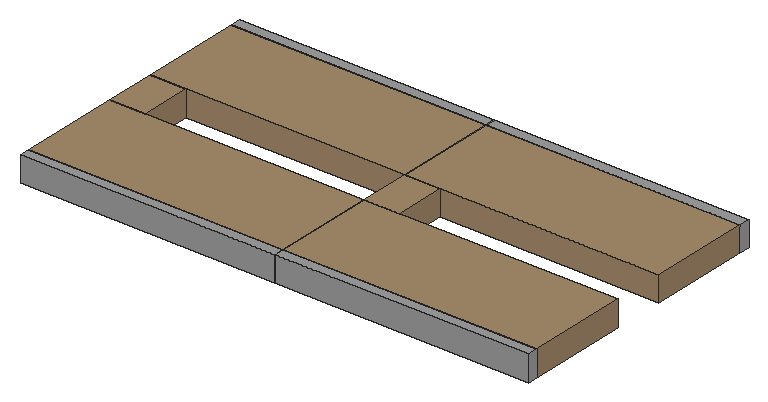
Revit family "Cordolo", category Generic Models, Revit 2012
Parameters
  numero [instance] = [built-in parameter 1001306] / 500 mm  # 2
  c_legno = Legno
  c_intonaco = none
  built-in parameter 1001306 [instance] = 1000 mm
Reference planes
  plane 1 "Centro (Fronte/Retro)": y = 0
  plane 2: z = 0
  plane 3 "Sinistra": x = 0
  plane 4 "Destra": x = 1000
Lines and regions (mm)
  reference lines
    curve 1: line (0, 0, 0) -> (1000, 0, 0)
Dimensions and locks
  "built-in parameter 1001306": plane 3 "Sinistra" to plane 4 "Destra"
  group 1 to group 2 = 500 mm
  group 1 to group 2 = 0 mm  (x2)
  aligned and locked: plane 4 "Destra" to curve 1
  aligned and locked: plane 1 "Centro (Fronte/Retro)" to curve 1
  aligned and locked: plane 3 "Sinistra" to curve 1
  aligned and locked: level to plane 2
Nested families
  nested 1: "ModuloCordololLegno" at (0, 50, 0) x (0, -1, 0) z (0, 0, 1), type "ModuloCordololLegno"
  nested 2: "ModuloCordololLegno" at (500, 50, 0) x (0, -1, 0) z (0, 0, 1), type "ModuloCordololLegno"
Definition of nested family "ModuloCordololLegno"
  Parameters (values of type "ModuloCordololLegno")
    spessore intonaco = 20 mm
    spessore = 50 mm
    larghezza tavole = 200 mm
    larghezza muro = 500 mm
    larghezza montante = 70 mm
    c_legno = Legno
    c_intonaco = intonaco
  Reference planes
    plane 1 "Centro (Fronte/Retro)": y = 0
    plane 2: z = 0
    plane 3 "Centro (Sinistra/Destra)": x = 0
    plane 4: x = -200
    plane 5: x = 100
    plane 6: x = 300
    plane 7: x = 320
    plane 8: x = -220
    plane 9: y = 500
    plane 10: y = 70
    plane 11: z = 50
  Forms (mm)
    Extrusion 1, solid, material "intonaco" <- "c_intonaco"
      sketch origin (0, 0, 0) x (1, 0, 0) y (0, 1, 0)
        loop
          line (-220, 500) -> (-220, 0) -> (-200, 0) -> (-200, 500) -> (-220, 500)
      from 0 to 50
    Extrusion 2, solid, material "intonaco" <- "c_intonaco"
      sketch origin (520, 0, 0) x (1, 0, 0) y (0, 1, 0)
        loop
          line (-220, 500) -> (-220, 0) -> (-200, 0) -> (-200, 500) -> (-220, 500)
      from 0 to 50
    Extrusion 3, solid, material "Legno" <- "c_legno"
      sketch origin (0, 0, 0) x (1, 0, 0) y (0, 1, 0)
        loop
          line (-200, 500) -> (-200, 0) -> (0, 0) -> (0, 500) -> (-200, 500)
      from 0 to 50
    Extrusion 4, solid, material "Legno" <- "c_legno"
      sketch origin (300, 0, 0) x (1, 0, 0) y (0, 1, 0)
        loop
          line (-200, 500) -> (-200, 0) -> (0, 0) -> (0, 500) -> (-200, 500)
      from 0 to 50
    Extrusion 5, solid, material "Legno" <- "c_legno"
      sketch origin (0, 0, 0) x (1, 0, 0) y (0, 1, 0)
        loop
          line (0, 70) -> (0, 0) -> (100, 0) -> (100, 70) -> (0, 70)
      from 0 to 50
  Dimensions and locks
    "larghezza tavole": plane 4 to plane 3 "Centro (Sinistra/Destra)"
    "larghezza tavole": plane 5 to plane 6
    "larghezza muro": plane 4 to plane 6
    "spessore intonaco": plane 8 to plane 4
    "spessore intonaco": plane 6 to plane 7
    "larghezza montante": plane 1 "Centro (Fronte/Retro)" to plane 10
    "spessore": plane 11 to plane 2
    aligned and locked: level to plane 2
    aligned and locked: plane 4 to Extrusion 1
    aligned and locked: Extrusion 1 to plane 8
    aligned and locked: plane 1 "Centro (Fronte/Retro)" to Extrusion 1
    aligned and locked: plane 9 to Extrusion 1
    aligned and locked: plane 9 to Extrusion 3
    aligned and locked: plane 3 "Centro (Sinistra/Destra)" to Extrusion 3
    aligned and locked: plane 1 "Centro (Fronte/Retro)" to Extrusion 3
    aligned and locked: Extrusion 3 to plane 4
    aligned and locked: plane 10 to Extrusion 5
    aligned and locked: plane 1 "Centro (Fronte/Retro)" to Extrusion 5
    aligned and locked: plane 5 to Extrusion 5
    aligned and locked: Extrusion 5 to plane 3 "Centro (Sinistra/Destra)"
    aligned and locked: plane 11 to Extrusion 4
    aligned and locked: plane 11 to Extrusion 5
    aligned and locked: plane 11 to Extrusion 3
    aligned and locked: plane 11 to Extrusion 2
    aligned and locked: plane 11 to Extrusion 1
  Automatic sketch dimensions
    plane 1 "Centro (Fronte/Retro)" to Extrusion 1 sketch curve = 0 mm
    Extrusion 1 sketch curve to plane 8 = 0 mm
    Extrusion 1 sketch curve to plane 4 = 0 mm
    Extrusion 1 sketch curve to plane 9 = 0 mm
    plane 1 "Centro (Fronte/Retro)" to Extrusion 2 sketch curve = 0 mm
    Extrusion 2 sketch curve to plane 6 = 0 mm
    Extrusion 2 sketch curve to plane 7 = 0 mm
    Extrusion 2 sketch curve to plane 9 = 0 mm
    plane 1 "Centro (Fronte/Retro)" to Extrusion 3 sketch curve = 0 mm
    Extrusion 3 sketch curve to plane 4 = 0 mm
    Extrusion 3 sketch curve to plane 3 "Centro (Sinistra/Destra)" = 0 mm
    Extrusion 3 sketch curve to plane 9 = 0 mm
    plane 1 "Centro (Fronte/Retro)" to Extrusion 4 sketch curve = 0 mm
    Extrusion 4 sketch curve to plane 5 = 0 mm
    Extrusion 4 sketch curve to plane 6 = 0 mm
    Extrusion 4 sketch curve to plane 9 = 0 mm
    plane 4 to Extrusion 5 sketch curve = 200 mm
    Extrusion 5 sketch curve to plane 6 = 200 mm
    plane 1 "Centro (Fronte/Retro)" to Extrusion 5 sketch curve = 0 mm
    plane 10 to Extrusion 5 sketch curve = 0 mm
